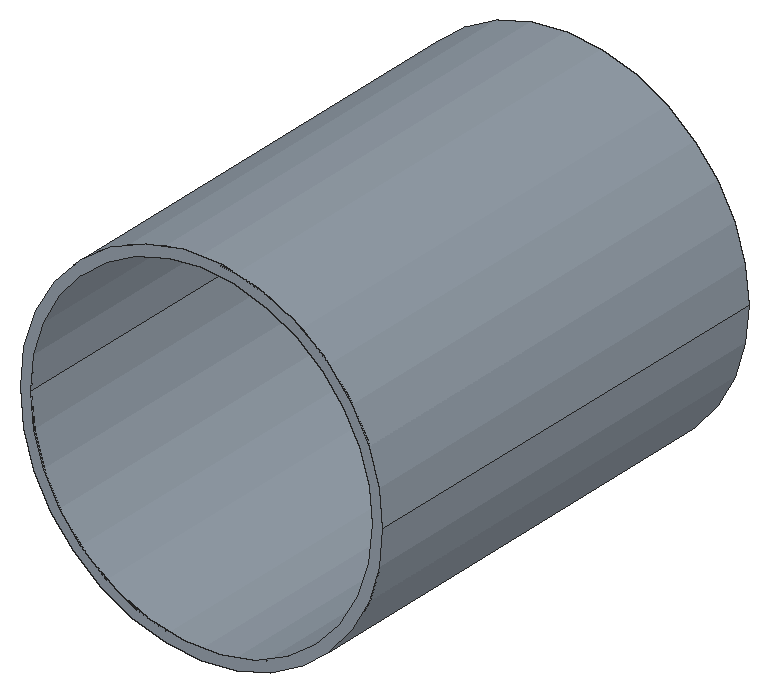
Revit family "钢套管", category 管件, Revit 2020
Family settings
  圆形连接件大小 = 使用直径
  零件类型 = 多个端口
  基于工作平面 = 否
  总是垂直 = 是
  加载时剪切的空心 = 是
  共享 = 否
Parameters (values of type "标准")
  默认高程 = 0 mm
  系统缩写 [instance] = ""
  穿管长度 [instance] = 200 mm
  穿管管径 [instance] = 100 mm
  洞口类型 [instance] = ""
  材质 = 银漆钢
  底部标高BL [instance] = 中心标高CL - 套管外径 / 2  # -79.5 mm
  套管长度 [instance] = 穿管长度 + 外伸长度 + 内伸长度  # 200 mm
  套管管径 [instance] = size_lookup([02S404钢管], "DN1", if(穿管管径 < 32 mm, 50 mm, if(穿管管径 < 500 mm, 穿管管径 + 50 mm, 穿管管径 + 100 mm)), 穿管管径)  # 150 mm
  套管外径 [instance] = size_lookup([02S404钢管], "D1", 套管管径 + 2 * 套管壁厚, 穿管管径)  # 159 mm
  套管壁厚 [instance] = size_lookup([02S404钢管], "Delta1", 2 mm + roundup(穿管管径 / 100 mm) * 2 mm, 穿管管径)  # 4.5 mm
  套管内径 [instance] = 套管外径 - 套管壁厚 * 2  # 150 mm
  外伸长度 = 0 mm
  内伸长度 = 0 mm
  built-in parameter 1114242 [instance] = (empty or 0)
  中心标高CL [instance] = 0 mm
  02S404钢管 = "Steel Casing Pipe"
Types (6, lengths in mm): name | 套管长度 | 外伸长度
  标准 | 200 | 0
  外伸长度-50mm | 250 | 50
  外伸长度-100mm | 300 | 100
  外伸长度-150mm | 350 | 150
  外伸长度-200mm | 400 | 200
  外伸长度-300mm | 500 | 300
Reference planes
  plane 1 "中心(前/后)": y = 0
  plane 2: z = 0
  plane 3 "中心(左/右)": x = 0
  plane 4: z = 0
  plane 5: y = -100
  plane 6: y = 100
  plane 7: y = -100
  plane 8: y = 100
  plane 9: x = -79.5
  plane 10: x = 79.5
  plane 11: z = 79.5
  plane 12: z = -79.5
Forms (mm)
  Sweep 1, void
    path in 3D
      loop
        line (0, -100, 0) -> (0, 100, 0)
    profile origin (0, 0, 0) x (-1, 0, 0) y (0, 0, 1)
      loop
        circle (0, 0) r 79.5
  Sweep 2, solid, material "银漆钢" <- "材质", detail levels fine
    path in 3D
      loop
        line (0, -100, 0) -> (0, 100, 0)
    profile origin (0, 0, 0) x (-1, 0, 0) y (0, 0, 1)
      loop
        circle (0, 0) r 79.5
      loop
        circle (0, 0) r 75
Lines and regions (mm)
  reference lines
    curve 1: line (0, -100, 0) -> (0, 100, 0)
  sketch lines
    curve 2: line (0, -100, 0) -> (0, 100, 0)
    curve 3: line (0, -100, 0) -> (0, 100, 0)
  model lines, style "套管洞口二维", detail levels coarse+medium
    curve 4: line (-79.5, 100, 0) -> (-79.5, -100, 0)
    curve 5: line (79.5, 100, 0) -> (79.5, -100, 0)
    curve 6: circle (0, 0, 0) r 79.5 normal (0, -1, 0)
    curve 7: line (0, 100, 79.5) -> (0, -100, 79.5)
    curve 8: line (0, 100, -79.5) -> (0, -100, -79.5)
Dimensions and locks
  "内伸长度": plane 5 to plane 7
  equal spacing: plane 6, plane 1 "中心(前/后)", plane 5
  "穿管长度": plane 6 to plane 5
  "外伸长度": plane 8 to plane 6
  equal spacing: plane 9, plane 3 "中心(左/右)", plane 10
  "套管外径": plane 9 to plane 10
  equal spacing: plane 11, level, plane 12
  "套管外径": plane 11 to plane 12
  "套管外径": diameter of Sweep 1 sketch curve
  "套管外径": diameter of Sweep 2 sketch curve
  "套管内径": diameter of Sweep 2 sketch curve
  "套管外径": diameter of curve 6
  aligned and locked: plane 3 "中心(左/右)" to curve 1
  aligned and locked: curve 4 to plane 9
  aligned and locked: plane 8 to curve 4
  aligned and locked: plane 7 to curve 4
  aligned and locked: plane 8 to curve 5
  aligned and locked: curve 5 to plane 10
  aligned and locked: plane 8 to curve 1
  aligned and locked: plane 7 to curve 1
  aligned and locked: curve 7 to plane 11
  aligned and locked: curve 8 to plane 12
  aligned and locked: plane 8 to curve 7
  aligned and locked: plane 8 to curve 8
  aligned and locked: plane 7 to curve 8
  aligned and locked: plane 7 to curve 7
Automatic sketch dimensions
  curve 5 to plane 7 = 0 mm
  curve 6 to level = 0 mm
  curve 6 to plane 3 "中心(左/右)" = 0 mm
  Sweep 1 sketch curve to profile plane = 0 mm  (x2)
  Sweep 2 sketch curve to Sweep 2 sketch curve = 0 mm  (x2)
  Sweep 2 sketch curve to profile plane = 0 mm  (x2)
